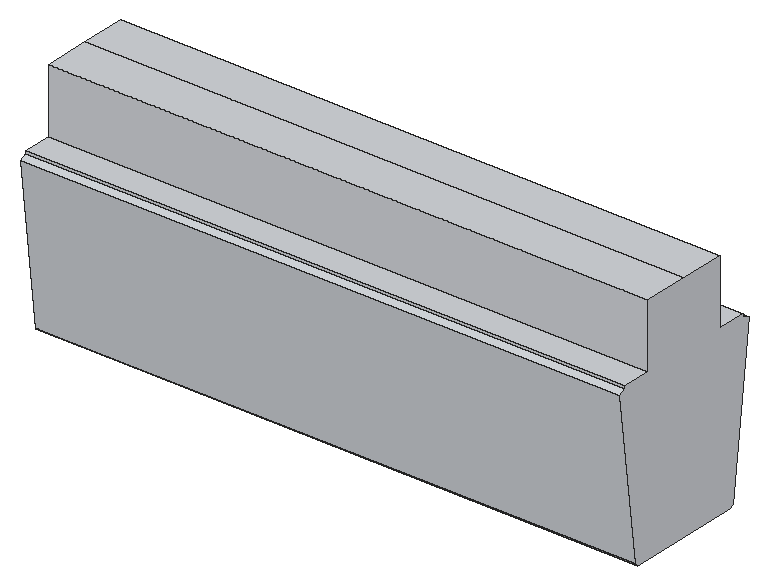
Revit family "KB d=700_Precast-Console Beam_Spæncom", category Structural Framing, Revit 2014
Parameters (values of type "KB97/27")
  Structural Material [instance] = none
  Model = "KB 97/27"
  Manufacturer = "Spæncom"
  Length [instance] = 3000 mm
  Height (bjælkekroppen) = 270 mm
  Width (bjælkekroppen) = 375 mm  # constant formula
  Height console = 700 mm  # constant formula
  Width console = 150 mm  # constant formula
  Keynote = ""
  Height element = 970 mm
  Base width = 500 mm  # constant formula
Types (9, lengths in mm): name | Model | Height (bjælkekroppen) | Height element
  KB88/18 | "KB 88/18" | 180 | 880
  KB92/22 | "KB 92/22" | 220 | 920
  KB97/27 | "KB 97/27" | 270 | 970
  KB102/32 | "KB 102/32" | 320 | 1020
  KB107/37 | "KB 107/37" | 370 | 1070
  KB100/30 | "KB 100/30" | 300 | 1000
  KB110/40 | "KB 110/40" | 400 | 1100
  KB120/50 | "KB 120/50" | 500 | 1200
  KB130/60 | "KB 130/60" | 600 | 1300
Reference planes
  plane 1 "Center (Front/Back)": y = 0
  plane 2 "Center Elevation": z = 0
  plane 3 "Center (Left/Right)": x = 0
  plane 4 "Left": x = -1500
  plane 5 "Member Left": x = -1250
  plane 6 "Stick Symbol Left": x = -1000
  plane 7 "Right": x = 1500
  plane 8 "Member Right": x = 1250
  plane 9 "Stick Symbol Right": x = 1000
  plane 10: z = 0
  plane 11: y = 250
  plane 12: y = -250
  plane 13: through (0, -251.24, 9.923) normal (0, 0.9923, 0.124)
  plane 14: through (0, 271.875, 175) normal (0, -0.9923, 0.124)
  plane 15: y = 187.5
  plane 16: y = -187.5
  plane 17: z = 700
Forms (mm)
  Extrusion 1, solid, material <- "Structural Material"
    sketch origin (0, 0, 150) x (0, 1, 0) y (0, 0, 1)
      loop
        line (240, -150) -> (251.24, -140.077) -> (334.327, 524.612) -> (307.5, 539.612) -> (307.5, 550) -> (187.5, 550) -> (187.5, 820) -> (0, 820) -> (-187.5, 820) -> (-187.5, 550) -> (-307.5, 550) -> (-307.5, 539.612) -> (-334.327, 524.612) -> (-251.24, -140.077) -> (-240, -150) -> (240, -150)
    from -1250 to 1250
Dimensions and locks
  equal spacing: plane 4 "Left", plane 3 "Center (Left/Right)", plane 7 "Right"
  "Length": plane 4 "Left" to plane 7 "Right"
  "Base width": plane 14 to plane 13
  "Height console": Extrusion 1 to Extrusion 1
  "Height (bjælkekroppen)": Extrusion 1 to Extrusion 1
  "Width console": plane 17 to Extrusion 1
  "Width (bjælkekroppen)": Extrusion 1 to Extrusion 1
  "Width console": Extrusion 1 to plane 17
  locked: plane 17 to Extrusion 1 sketch curve at 30
  locked: Extrusion 1 sketch curve to plane 17 at 30
  aligned and locked: plane 5 "Member Left" to Extrusion 1
  aligned and locked: Extrusion 1 to plane 8 "Member Right"
  aligned and locked: level to plane 2 "Center Elevation"
Automatic sketch dimensions
  Extrusion 1 sketch curve to plane 13 = 0 mm  (x2)
  Extrusion 1 sketch curve to plane 17 = 0 mm  (x2)
  Extrusion 1 sketch curve to level = 0 mm
  Extrusion 1 sketch curve to plane 16 = 0 mm
  Extrusion 1 sketch curve to plane 1 "Center (Front/Back)" = 0 mm
  Extrusion 1 sketch curve to plane 15 = 0 mm
  Extrusion 1 sketch curve to plane 14 = 0 mm  (x2)
  Extrusion 1 sketch curve to plane 12 = 10 mm
  plane 12 to Extrusion 1 sketch curve = 1.24 mm
  plane 11 to Extrusion 1 sketch curve = 10 mm
  Extrusion 1 sketch curve to plane 11 = 1.24 mm
  Extrusion 1 sketch curve to plane 17 = 25.388 mm  (x2)
  Extrusion 1 sketch curve to plane 17 = 10.388 mm  (x2)
  plane 17 to Extrusion 1 sketch curve = 270 mm
